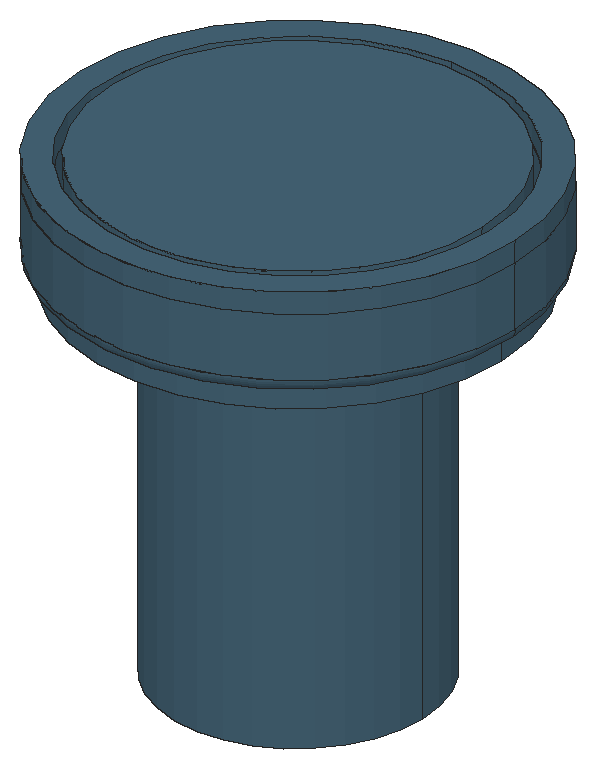
Revit family "Cleanout_Floor_Heavy-duty _Non-Adjustable_Zurn-Z1402", category Plumbing Fixtures, Revit 2022
Family settings
  Round Connector Dimension = Use Radius
  Part Type = Normal
  OmniClass Number = 23.45.55.21
  OmniClass Title = Drains (Wastes)
  Work Plane-Based = No
  Always vertical = Yes
  Cut with Voids When Loaded = No
  Maintain Annotation Orientation = No
  Shared = No
  Room Calculation Point = No
Parameters (values of type "Load Family Type Catalog")
  Width C = 2.063"
  Waste Connection = 0 = 0  # yes
  WFU = 1  # constant formula
  Vent Connection = 0 = 1  # no
  URL = "www.zurn.com"
  Type Comments = "Z1402-2 Inch-Neo Loc Outlet"
  Product data url = "https://www.bimobject.com/en/zurnindustries/product/zurn-z1402"
  Product Page URL = "https://www.zurn.com/products/drainage-interceptors/cleanouts/cleanouts/z1402"
  Product Installation Sheet = "https://files.zurn.com/care-cleaning-install-warranty-sheets/co4-(1).pdf"
  Product Documentation Link = "https://files.zurn.com/spec-sheets/z1402.pdf"
  Pipe Size A (Nominal) = 1.000"
  Pipe Size A (Actual) = 1.188"
  Outlet Connector Radius = 1.000"
  NH = no
  Modified Date = "09/19/2025"  # constant formula
  Model = "Z1402"
  Manufacurer Brand = "Zurn"  # constant formula
  Manufacturer = "Zurn Water, LLC"  # constant formula
  Inside Revolve = 0.250"
  Inside Radius = Width C - 0.243"  # 1.820"
  Grate Radius = Inside Radius - 0.070"  # 1.750"
  Frame and Grate = Iron - Zurn -Cast - Painted - Blue
  Frame Height = 0.875"
  Body Height (E) = 3.500"
  HWFU = 0  # constant formula
  HW Connection = 0 = 1  # no
  Description = "HEAVY-DUTY NON-ADJUSTABLE FLOOR CLEANOUT"  # constant formula
  Default Elevation = 20.000"  # constant formula
  Date Created = "11/13/2018"  # constant formula
  CWFU = 0  # constant formula
  Main Material = Iron - Zurn -Cast - Painted - Blue
  CW Connection = 0 = 1  # no
  Assembly Code = "D2030100"
  Approx. Weight (Lbs) = 5.000"
Reference planes (in)
  plane 1 "Center (Front/Back)": y = 0
  plane 2: z = 0
  plane 3 "Center (Left/Right)": x = 0
  plane 4: z = 0
  plane 5: x = 2.063
  plane 6: z = -0.875
  plane 7: z = -4.375
  plane 8: z = -3.245
  plane 9: z = -1.0625
  plane 10: x = 1.938
  plane 11: x = -1.188
  plane 12: x = 1.188
  plane 13: x = -1.376
  plane 14: x = 1.3755
  plane 15: z = -0.625
  plane 16: x = 1.821
  plane 17: x = 1.939
  plane 18: z = -0.751
  plane 19: y = 1.188
  plane 20: y = -1.188
  plane 21: z = -0.188
  plane 22: x = -2.063
Forms (in)
  Extrusion 1, solid, material "Iron - Zurn -Cast - Painted - Blue" <- "Main Material", detail levels fine
    sketch origin (0, 0, 0) x (1, 0, 0) y (0, 1, 0)
      loop
        circle (0, 0) r 1.188
    from -0.875 to -4.375
  Revolve 2, solid, material "Iron - Zurn -Cast - Painted - Blue" <- "Main Material", detail levels fine
    sketch origin (0, 0, 0) x (1, 0, 0) y (0, 0, 1)
      loop
        line (0, -0.875) -> (0, -1.0625) -> (1.938, -1.0625) -> (1.938, -0.875) -> (0, -0.875)
      axis (0, -0.875) -> (0, -1.0625)
    angle from 0 to 360
  Extrusion 3, void, detail levels fine
    sketch origin (0, 0, 0) x (0, 1, 0) y (1, 0, 0)
      loop
        circle (0, 0) r 1
    from 0.62541 to 4.375
  Revolve 4, solid, material "Iron - Zurn -Cast - Painted - Blue" <- "Main Material", detail levels fine
    sketch origin (0, 0, 0) x (1, 0, 0) y (0, 0, 1)
      loop
        line (2.063, -0.188) -> (1.821, -0.188) -> (1.821, -0.625) -> (0, -0.625) -> (0, -0.875) -> (1.939, -0.875)
        arc (1.939, -0.875) -> (2.02668, -0.83868) -> (2.063, -0.751) r 0.124
        line (2.063, -0.751) -> (2.063, -0.188)
      axis (0, -0.188) -> (0, -0.875)
    angle from 0 to 360
  Extrusion 5, solid, material "Iron - Zurn -Cast - Painted - Blue" <- "Frame and Grate", detail levels fine
    sketch origin (0, 0, 0) x (1, 0, 0) y (0, 1, 0)
      loop
        circle (0, 0) r 2.063
    from -0.188 to 0
  Extrusion 6, void, detail levels fine
    sketch origin (0, 0, 0) x (0, 1, 0) y (1, 0, 0)
      loop
        circle (0, 0) r 1.82
    from 0 to 0.188
  Extrusion 7, solid, material "Iron - Zurn -Cast - Painted - Blue" <- "Frame and Grate", detail levels fine
    sketch origin (0, 0, 0) x (1, 0, 0) y (0, 1, 0)
      loop
        circle (0, 0) r 1.75
    from -0.188 to 0
  Revolve 8, solid, material "Iron - Zurn -Cast - Painted - Blue" <- "Main Material", visible <- "NH", detail levels fine
    sketch origin (0, 0, 0) x (1, 0, 0) y (0, 0, 1)
      loop
        line (1.188, -1.0625) -> (1.188, -3.245) -> (1.3755, -3.245) -> (1.3755, -1.0625) -> (1.188, -1.0625)
      axis (0, -1.0625) -> (0, -3.245)
    angle from 0 to 360
Cuts and joins
  Extrusion 3, Extrusion 6 cuts Extrusion 1
  Extrusion 3, Extrusion 6 cuts Revolve 2
  Extrusion 6 cuts Revolve 4
  Extrusion 6 cuts Extrusion 5
Lines and regions (in)
  Masking region 1, detail levels fine
    outline origin (0, 0, 0) x (1, 0, 0) y (0, 1, 0)
      loop
        circle (0, 0) r 2.063
  model lines, detail levels coarse+medium
    curve 1: line (0, 0, 0) -> (0, 0, -4.375)
    curve 2: circle (0, 0, 0) r 2.063 normal (0, 0, 1)
    curve 3: circle (0, 0, 0) r 1.75 normal (0, 0, 1)
    curve 4: line (-1.188, 0, -4.375) -> (1.188, 0, -4.375)
    curve 5: line (0, 1.188, -4.375) -> (0, -1.188, -4.375)
Dimensions and locks (in)
  "Frame Height": level to plane 6
  "Body Height (E)": plane 6 to plane 7
  plane 8 to plane 7 = 1.130"
  plane 6 to plane 9 = 0.1875"
  plane 5 to plane 10 = 0.125"
  plane 6 to plane 8 = 2.370"
  "Pipe Size A (Actual)": plane 3 "Center (Left/Right)" to plane 11
  "Pipe Size A (Actual)": plane 12 to plane 3 "Center (Left/Right)"
  "Inside Revolve": plane 15 to plane 6
  locked: plane 5 to plane 16 at 0.242
  locked: plane 5 to plane 17 at 0.124
  locked: plane 18 to plane 6 at 0.124
  "Width C": plane 5 to plane 3 "Center (Left/Right)"
  "Pipe Size A (Actual)": plane 19 to plane 1 "Center (Front/Back)"
  "Pipe Size A (Actual)": plane 1 "Center (Front/Back)" to plane 20
  plane 21 to plane 15 = 0.437"
  locked: level to plane 21 at 0.188
  locked: plane 14 to plane 12 at 0.1875
  locked: plane 11 to plane 13 at 0.188
  "Width C": plane 3 "Center (Left/Right)" to plane 22
  "Pipe Size A (Actual)": radius of Extrusion 1 sketch curve
  "Pipe Size A (Nominal)": radius of Extrusion 3 sketch curve
  "Width C": radius of Masking region 1 sketch curve
  "Width C": radius of Extrusion 5 sketch curve
  "Inside Radius": radius of Extrusion 6 sketch curve
  "Grate Radius": radius of Extrusion 7 sketch curve
  "Width C": radius of curve 2
  "Grate Radius": radius of curve 3
  aligned and locked: plane 2 to level
  aligned and locked: plane 3 "Center (Left/Right)" to Extrusion 1 sketch curve
  aligned and locked: plane 1 "Center (Front/Back)" to Extrusion 1 sketch curve
  aligned and locked: Extrusion 1 to plane 7
  aligned and locked: plane 6 to Extrusion 1
  aligned and locked: Revolve 2 sketch curve to plane 6
  aligned and locked: plane 3 "Center (Left/Right)" to Revolve 2 sketch curve
  aligned and locked: plane 9 to Revolve 2 sketch curve
  aligned and locked: Revolve 2 sketch curve to plane 10
  aligned and locked: plane 3 "Center (Left/Right)" to Extrusion 3 sketch curve
  aligned and locked: plane 1 "Center (Front/Back)" to Extrusion 3 sketch curve
  aligned and locked: Extrusion 3 to plane 7
  aligned and locked: Revolve 4 sketch curve to plane 5
  aligned and locked: plane 16 to Revolve 4 sketch curve
  aligned and locked: plane 15 to Revolve 4 sketch curve
  aligned and locked: Revolve 4 sketch curve to plane 3 "Center (Left/Right)"
  aligned and locked: Revolve 4 sketch curve to cut or joined group of Revolve 2, Extrusion 3, Extrusion 6
  aligned and locked: plane 17 to Revolve 4 sketch curve
  aligned and locked: plane 18 to Revolve 4 sketch curve
  aligned and locked: level to curve 1
  aligned and locked: plane 7 to curve 1
  aligned and locked: curve 1 to plane 1 "Center (Front/Back)"
  aligned and locked: plane 3 "Center (Left/Right)" to Masking region 1 sketch curve
  aligned and locked: plane 1 "Center (Front/Back)" to Masking region 1 sketch curve
  aligned and locked: Revolve 4 sketch curve to plane 21
  aligned and locked: Extrusion 5 to Revolve 4
  aligned and locked: level to Extrusion 5
  aligned and locked: plane 3 "Center (Left/Right)" to Extrusion 6 sketch curve
  aligned and locked: plane 1 "Center (Front/Back)" to Extrusion 6 sketch curve
  aligned and locked: plane 3 "Center (Left/Right)" to Extrusion 7 sketch curve
  aligned and locked: plane 1 "Center (Front/Back)" to Extrusion 7 sketch curve
  aligned and locked: Extrusion 7 to plane 21
  aligned and locked: level to Extrusion 7
  aligned and locked: plane 1 "Center (Front/Back)" to curve 2
  aligned and locked: plane 3 "Center (Left/Right)" to curve 2
  aligned and locked: plane 1 "Center (Front/Back)" to curve 3
  aligned and locked: plane 3 "Center (Left/Right)" to curve 3
  aligned and locked: plane 12 to Revolve 8 sketch curve
  aligned and locked: Revolve 8 sketch curve to plane 14
  aligned and locked: Revolve 8 sketch curve to plane 9
  aligned and locked: plane 8 to Revolve 8 sketch curve
  aligned and locked: plane 11 to curve 4
  aligned and locked: plane 12 to curve 4
  aligned and locked: curve 4 to plane 7
  aligned and locked: plane 19 to curve 5
  aligned and locked: plane 20 to curve 5
  aligned and locked: curve 5 to plane 7
Automatic sketch dimensions
  Revolve 2 sketch curve to plane 3 "Center (Left/Right)" = 0.000"
  Revolve 2 sketch curve to plane 8 = 0.42589"
  level to Revolve 2 sketch curve = 0.57911"
  Revolve 4 sketch curve to plane 3 "Center (Left/Right)" = 0.000"
  plane 8 to Revolve 4 sketch curve = 1.04515"
  level to Revolve 4 sketch curve = 0.93464"
  Revolve 8 sketch curve to plane 3 "Center (Left/Right)" = 0.000"
  Revolve 8 sketch curve to plane 7 = 2.6875"
  level to Revolve 8 sketch curve = 0.6875"
  plane 1 "Center (Front/Back)" to Extrusion 5 sketch curve = 0.000"
  Extrusion 5 sketch curve to plane 3 "Center (Left/Right)" = 0.000"
Connectors (in)
  piping at (0, 0, -4.375), diameter 2, driven by "Outlet Connector Radius", driven by "Waste Connection"
    settings: on cut or joined group of Extrusion 1, Extrusion 3, Extrusion 6, index 1, connector inside diameter 24", connector length 0.000", flow factor 0, pipe flow 0 GPM, pressure drop 0.00 psi, fitting loss kfactor 0, connector angle 0.00°, fixture units 0, engagement length 0.000", angle of deflection 0.00°, flow configuration 0, flow direction 2, fitting loss method 0, system type 16, joint type 0, gender type 0, connector reference index -1, connector utility 1, adjustable connector no, is connector primary yes, connector description "Outlet Connection"
Types in the file's own list only (40): name | Width C | Type Comments | Pipe Size A (Nominal) | Pipe Size A (Actual) | Outlet Connector Radius | NH | Model | Inside Revolve | Inside Radius | Grate Radius | Frame and Grate | Frame Height | Body Height (E) | Default Elevation | Approx. Weight (Lbs)
  Z1402-2NL Outlet | 2.063 " | "Z1402-2 Inch -Neo Loc Outlet" | 1.000 " | 1.188 " | 1.000 " | No | "Z1402" | 0.250 " | 1.820 " | 1.750 " | Iron - Zurn -Cast - Painted - Blue | 0.875 " | 3.500 " | 20.000 " | 5.000 "
  Z1402-3NH Outlet | 2.063 " | "Z1402-3 Inch -No Hub Outlet" | 1.500 " | 1.750 " | 1.500 " | Yes | "Z1402" | 0.250 " | 1.820 " | 1.750 " | Iron - Zurn -Cast - Painted - Blue | 0.875 " | 3.500 " | 20.000 " | 5.000 "
  Z1402-3NL Outlet | 2.563 " | "Z1402-3 Inch -Neo Loc Outlet" | 1.500 " | 1.750 " | 1.500 " | No | "Z1402" | 0.250 " | 2.320 " | 2.250 " | Iron - Zurn -Cast - Painted - Blue | 0.875 " | 3.625 " | 20.000 " | 8.000 "
  Z1402-4NL Outlet | 3.063 " | "Z1402-4 Inch -Neo Loc Outlet" | 2.000 " | 2.250 " | 2.000 " | No | "Z1402" | 0.250 " | 2.820 " | 2.750 " | Iron - Zurn -Cast - Painted - Blue | 0.875 " | 3.625 " | 20.000 " | 8.000 "
  Z1402-4NH Outlet | 2.563 " | "Z1402-4 Inch -No Hub Outlet" | 2.000 " | 2.250 " | 1.500 " | Yes | "Z1402" | 0.250 " | 2.320 " | 2.250 " | Iron - Zurn -Cast - Painted - Blue | 0.875 " | 3.625 " | 20.000 " | 10.000 "
  Z1402-5NL Outlet | 3.625 " | "Z1402-5 Inch -Neo Loc Outlet" | 2.500 " | 2.782 " | 2.500 " | No | "Z1402" | 0.250 " | 3.382 " | 3.312 " | Iron - Zurn -Cast - Painted - Blue | 0.875 " | 3.750 " | 20.000 " | 15.000 "
  Z1402-6NL Outlet | 4.125 " | "Z1402-6 Inch -Neo Loc Outlet" | 3.000 " | 3.313 " | 3.000 " | No | "Z1402" | 0.250 " | 3.882 " | 3.812 " | Iron - Zurn -Cast - Painted - Blue | 0.875 " | 3.750 " | 20.000 " | 17.000 "
  Z1402-6NH Outlet | 3.625 " | "Z1402-6 Inch -No Hub Outlet" | 3.000 " | 3.313 " | 3.000 " | Yes | "Z1402" | 0.250 " | 3.382 " | 3.312 " | Iron - Zurn -Cast - Painted - Blue | 0.875 " | 3.750 " | 20.000 " | 15.000 "
  Z1402-8NH Outlet | 4.625 " | "Z1402-8 Inch -No Hub Outlet" | 4.000 " | 4.313 " | 4.000 " | Yes | "Z1402" | 0.250 " | 4.382 " | 4.312 " | Iron - Zurn -Cast - Painted - Blue | 0.875 " | 3.750 " | 20.000 " | 22.000 "
  Z1402-8NL Outlet | 4.625 " | "Z1402-8 Inch -Neo Loc Outlet" | 4.000 " | 4.313 " | 4.000 " | No | "Z1402" | 0.250 " | 4.382 " | 4.312 " | Iron - Zurn -Cast - Painted - Blue | 0.875 " | 3.750 " | 20.000 " | 22.000 "
  ZS1402-2NL Outlet | 2.063 " | "ZS1402-2 Inch -Neo Loc Outlet" | 1.000 " | 1.188 " | 1.000 " | No | "ZS1402" | 0.250 " | 1.820 " | 1.750 " | Steel - Zurn - Stainless-Polished | 1.063 " | 3.500 " | 20.000 " | 5.000 "
  ZS1402-3NH Outlet | 2.063 " | "ZS1402-3 Inch -No Hub Outlet" | 1.500 " | 1.750 " | 1.500 " | Yes | "ZS1402" | 0.250 " | 1.820 " | 1.750 " | Steel - Zurn - Stainless-Polished | 1.063 " | 3.500 " | 20.000 " | 5.000 "
  ZS1402-3NL Outlet | 2.563 " | "ZS1402-3 Inch -Neo Loc Outlet" | 1.500 " | 1.750 " | 1.500 " | No | "ZS1402" | 0.250 " | 2.320 " | 2.250 " | Steel - Zurn - Stainless-Polished | 1.063 " | 3.625 " | 20.000 " | 8.000 "
  ZS1402-4NL Outlet | 3.063 " | "ZS1402-4 Inch -Neo Loc Outlet" | 2.000 " | 2.250 " | 2.000 " | No | "ZS1402" | 0.250 " | 2.820 " | 2.750 " | Steel - Zurn - Stainless-Polished | 1.063 " | 3.625 " | 20.000 " | 8.000 "
  ZS1402-4NH Outlet | 2.563 " | "ZS1402-4 Inch -No Hub Outlet" | 2.000 " | 2.250 " | 1.500 " | Yes | "ZS1402" | 0.250 " | 2.320 " | 2.250 " | Steel - Zurn - Stainless-Polished | 1.063 " | 3.625 " | 20.000 " | 10.000 "
  ZS1402-5NL Outlet | 3.625 " | "ZS1402-5 Inch -Neo Loc Outlet" | 2.500 " | 2.782 " | 2.500 " | No | "ZS1402" | 0.250 " | 3.382 " | 3.312 " | Steel - Zurn - Stainless-Polished | 1.063 " | 3.750 " | 20.000 " | 15.000 "
  ZS1402-6NL Outlet | 4.125 " | "ZS1402-6 Inch -Neo Loc Outlet" | 3.000 " | 3.313 " | 3.000 " | No | "ZS1402" | 0.250 " | 3.882 " | 3.812 " | Steel - Zurn - Stainless-Polished | 1.063 " | 3.750 " | 20.000 " | 17.000 "
  ZS1402-6NH Outlet | 3.625 " | "ZS1402-6 Inch -No Hub Outlet" | 3.000 " | 3.313 " | 3.000 " | Yes | "ZS1402" | 0.250 " | 3.382 " | 3.312 " | Steel - Zurn - Stainless-Polished | 1.063 " | 3.750 " | 20.000 " | 15.000 "
  ZS1402-8NH Outlet | 4.625 " | "ZS1402-8 Inch -No Hub Outlet" | 4.000 " | 4.313 " | 4.000 " | Yes | "ZS1402" | 0.250 " | 4.382 " | 4.312 " | Steel - Zurn - Stainless-Polished | 1.063 " | 3.750 " | 20.000 " | 22.000 "
  ZS1402-8NL Outlet | 4.625 " | "ZS1402-8 Inch -Neo Loc Outlet" | 4.000 " | 4.313 " | 4.000 " | No | "ZS1402" | 0.250 " | 4.382 " | 4.312 " | Steel - Zurn - Stainless-Polished | 1.063 " | 3.750 " | 20.000 " | 22.000 "
  ZN1402-2NL Outlet | 2.063 " | "ZN1402-2 Inch -Neo Loc Outlet" | 1.000 " | 1.188 " | 1.000 " | No | "ZN1402" | 0.125 " | 1.820 " | 1.750 " | Bronze - Zurn - Polished Nickel | 0.375 " | 3.500 " | 20.000 " | 5.000 "
  ZN1402-3NH Outlet | 2.063 " | "ZN1402-3 Inch -No Hub Outlet" | 1.500 " | 1.750 " | 1.500 " | Yes | "ZN1402" | 0.125 " | 1.820 " | 1.750 " | Bronze - Zurn - Polished Nickel | 0.375 " | 3.500 " | 20.000 " | 5.000 "
  ZN1402-3NL Outlet | 2.563 " | "ZN1402-3 Inch -Neo Loc Outlet" | 1.500 " | 1.750 " | 1.500 " | No | "ZN1402" | 0.125 " | 2.320 " | 2.250 " | Bronze - Zurn - Polished Nickel | 0.375 " | 3.625 " | 20.000 " | 8.000 "
  ZN1402-4NL Outlet | 3.063 " | "ZN1402-4 Inch -Neo Loc Outlet" | 2.000 " | 2.250 " | 2.000 " | No | "ZN1402" | 0.125 " | 2.820 " | 2.750 " | Bronze - Zurn - Polished Nickel | 0.375 " | 3.625 " | 20.000 " | 8.000 "
  ZN1402-4NH Outlet | 2.563 " | "ZN1402-4 Inch -No Hub Outlet" | 2.000 " | 2.250 " | 1.500 " | Yes | "ZN1402" | 0.125 " | 2.320 " | 2.250 " | Bronze - Zurn - Polished Nickel | 0.375 " | 3.625 " | 20.000 " | 10.000 "
  ZN1402-5NL Outlet | 3.625 " | "ZN1402-5 Inch -Neo Loc Outlet" | 2.500 " | 2.782 " | 2.500 " | No | "ZN1402" | 0.125 " | 3.382 " | 3.312 " | Bronze - Zurn - Polished Nickel | 0.375 " | 3.750 " | 20.000 " | 15.000 "
  ZN1402-6NL Outlet | 4.125 " | "ZN1402-6 Inch -Neo Loc Outlet" | 3.000 " | 3.313 " | 3.000 " | No | "ZN1402" | 0.125 " | 3.882 " | 3.812 " | Bronze - Zurn - Polished Nickel | 0.375 " | 3.750 " | 20.000 " | 17.000 "
  ZN1402-6NH Outlet | 3.625 " | "ZN1402-6 Inch -No Hub Outlet" | 3.000 " | 3.313 " | 3.000 " | Yes | "ZN1402" | 0.125 " | 3.382 " | 3.312 " | Bronze - Zurn - Polished Nickel | 0.375 " | 3.750 " | 20.000 " | 15.000 "
  ZN1402-8NH Outlet | 4.625 " | "ZN1402-8 Inch -No Hub Outlet" | 4.000 " | 4.313 " | 4.000 " | Yes | "ZN1402" | 0.125 " | 4.382 " | 4.312 " | Bronze - Zurn - Polished Nickel | 0.375 " | 3.750 " | 20.000 " | 22.000 "
  ZN1402-8NL Outlet | 4.625 " | "ZN1402-8 Inch -Neo Loc Outlet" | 4.000 " | 4.313 " | 4.000 " | No | "ZN1402" | 0.125 " | 4.382 " | 4.312 " | Bronze - Zurn - Polished Nickel | 0.375 " | 3.750 " | 20.000 " | 22.000 "
  ZB1402-2NL Outlet | 2.063 " | "ZB1402-2 Inch -Neo Loc Outlet" | 1.000 " | 1.188 " | 1.000 " | No | "ZB1402" | 0.125 " | 1.820 " | 1.750 " | Bronze - Zurn - Polished | 0.375 " | 3.500 " | 20.000 " | 5.000 "
  ZB1402-3NH Outlet | 2.063 " | "ZB1402-3 Inch -No Hub Outlet" | 1.500 " | 1.750 " | 1.500 " | Yes | "ZB1402" | 0.125 " | 1.820 " | 1.750 " | Bronze - Zurn - Polished | 0.375 " | 3.500 " | 20.000 " | 5.000 "
  ZB1402-3NL Outlet | 2.563 " | "ZB1402-3 Inch -Neo Loc Outlet" | 1.500 " | 1.750 " | 1.500 " | No | "ZB1402" | 0.125 " | 2.320 " | 2.250 " | Bronze - Zurn - Polished | 0.375 " | 3.625 " | 20.000 " | 8.000 "
  ZB1402-4NL Outlet | 3.063 " | "ZB1402-4 Inch -Neo Loc Outlet" | 2.000 " | 2.250 " | 2.000 " | No | "ZB1402" | 0.125 " | 2.820 " | 2.750 " | Bronze - Zurn - Polished | 0.375 " | 3.625 " | 20.000 " | 8.000 "
  ZB1402-4NH Outlet | 2.563 " | "ZB1402-4 Inch -No Hub Outlet" | 2.000 " | 2.250 " | 1.500 " | Yes | "ZB1402" | 0.125 " | 2.320 " | 2.250 " | Bronze - Zurn - Polished | 0.375 " | 3.625 " | 20.000 " | 10.000 "
  ZB1402-5NL Outlet | 3.625 " | "ZB1402-5 Inch -Neo Loc Outlet" | 2.500 " | 2.782 " | 2.500 " | No | "ZB1402" | 0.125 " | 3.382 " | 3.312 " | Bronze - Zurn - Polished | 0.375 " | 3.750 " | 20.000 " | 15.000 "
  ZB1402-6NL Outlet | 4.125 " | "ZB1402-6 Inch -Neo Loc Outlet" | 3.000 " | 3.313 " | 3.000 " | No | "ZB1402" | 0.125 " | 3.882 " | 3.812 " | Bronze - Zurn - Polished | 0.375 " | 3.750 " | 20.000 " | 17.000 "
  ZB1402-6NH Outlet | 3.625 " | "ZB1402-6 Inch -No Hub Outlet" | 3.000 " | 3.313 " | 3.000 " | Yes | "ZB1402" | 0.125 " | 3.382 " | 3.312 " | Bronze - Zurn - Polished | 0.375 " | 3.750 " | 20.000 " | 15.000 "
  ZB1402-8NH Outlet | 4.625 " | "ZB1402-8 Inch -No Hub Outlet" | 4.000 " | 4.313 " | 4.000 " | Yes | "ZB1402" | 0.125 " | 4.382 " | 4.312 " | Bronze - Zurn - Polished | 0.375 " | 3.750 " | 20.000 " | 22.000 "
  ZB1402-8NL Outlet | 4.625 " | "ZB1402-8 Inch -Neo Loc Outlet" | 4.000 " | 4.313 " | 4.000 " | No | "ZB1402" | 0.125 " | 4.382 " | 4.312 " | Bronze - Zurn - Polished | 0.375 " | 3.750 " | 20.000 " | 22.000 "
